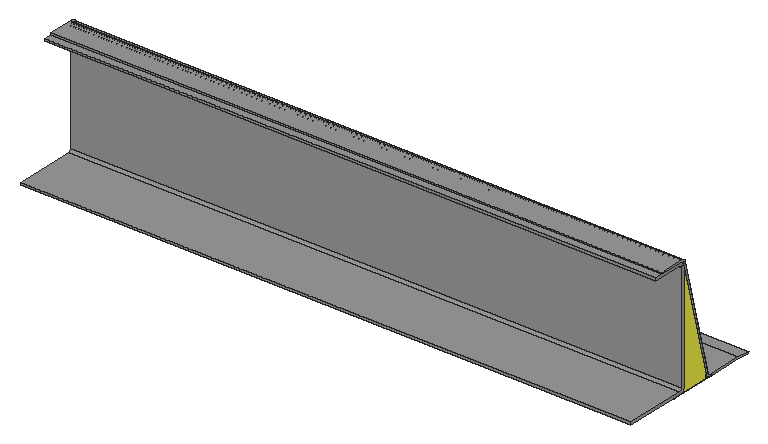
Revit family "XCFS K 70 WIL", category Generic Models, Revit 2014
Parameters (values of type "Max lintel length 3600mm")
  URL = "http://www.keystonelintels.co.uk"
  Structural Opening [instance] = 900 mm
  Structural Performance = "The Keystone lintel range has safe working loads as detailed in each applicable loading table in the Keystone Lintel Guide brochure. The structural performance figures within each table have been ascertained by testing in accordance with the requirements of standards BS EN 5977-2: 1983 and BS EN 845-2: 2003."
  RIBA Productor Selector = "available for Keystone Lintels Ltd from Keystone Lintels Ltd from ribaproductselector.com"
  Model = "XCFS/K 70 WIL"
  Min Length = 600 mm
  Min Clear Span = 300 mm
  Max Length = 3600 mm
  Max Clear Span = 3600 mm
  Material - Stainless Steel = "Grade 304 2b 1.4307 to BS EN 10088-2. Other grades available on request: contact manufacturer."
  Material - Galvanised Steel = "To BS EN 10346: 2009. DX51D plus Z600 or grade Z275 to BS 5977-2: 1983 (BS EN 845-2: 2003)."
  Manufacturer = "Keystone"
  Manufactured Length [instance] = (roundup(Effective Length / 150 mm) * 150 mm)  # 1200 mm
  Lintel height [instance] = 2100 mm
  Keynote = "F30/755"
  Fire Performance = "Keystone lintels have been subjected to a fire test (WARRES No. 101263) in accordance with BS 476-20: 1987, at Exova Warrington Fire and achieved a one hour fire performance."
  End Bearing = 150 mm
  Effective Length [instance] = Clear Opening with MIN MAX set + End Bearing * 2  # 1200 mm
  Corrosion = "Keystone’s standard range of lintels are manufactured from high quality grade pre-galvanized carbon steel with a zinc coating of 600"
  Contact Tel = "+44 (0)28 8676 2184"
  Contact Email = "info@keystonelintels.co.uk"
  Clear Opening with MIN MAX set [instance] = if(Structural Opening < Min Clear Span, Min Clear Span, (if(Structural Opening > Max Clear Span, Max Clear Span, Structural Opening)))  # 900 mm
  CPD Information = "Available for Keystone Lintels Ltd from ribacpd.com"
Reference planes
  plane 1 "Center (Front/Back)": y = 0
  plane 2: z = 0
  plane 3 "Center (Left/Right)": x = 0
  plane 4: x = -600
  plane 5: x = 600
  plane 6: z = 2100
  plane 7: x = -450
  plane 8: x = 450
Forms (mm)
  Extrusion 1, solid, material "Steel"
    sketch origin (0, 703.453, -493.091) x (0, 1, 0) y (0, 0, 1)
      loop
        line (-598.024, 2593.091) -> (-573.079, 2592.223) -> (-572.968, 2595.421) -> (-597.968, 2596.291) -> (-667.797, 2596.291)
        arc (-667.797, 2596.291) -> (-670.91, 2597.379) -> (-672.669, 2600.169) r 5
        line (-672.669, 2600.169) -> (-728.013, 2822.031)
        arc (-728.013, 2822.031) -> (-730.898, 2826.607) -> (-736.004, 2828.391) r 8.2
        line (-736.004, 2828.391) -> (-786.284, 2828.391) -> (-786.284, 2825.191) -> (-736.004, 2825.191)
        arc (-736.004, 2825.191) -> (-732.881, 2824.095) -> (-731.126, 2821.288) r 5
        line (-731.126, 2821.288) -> (-675.78, 2599.419)
        arc (-675.78, 2599.419) -> (-672.89, 2594.865) -> (-667.797, 2593.091) r 8.2
        line (-667.797, 2593.091) -> (-598.024, 2593.091)
    from -600 to 600
  Extrusion 2, solid, material "Steel"
    sketch origin (0, 703.453, -493.091) x (0, 1, 0) y (0, 0, 1)
      loop
        arc (-741.004, 2593.091) -> (-733.933, 2596.02) -> (-731.004, 2603.091) r 10
        line (-731.004, 2603.091) -> (-731.004, 2815.191)
        arc (-731.004, 2815.191) -> (-733.933, 2822.262) -> (-741.004, 2825.191) r 10
        line (-741.004, 2825.191) -> (-801.004, 2825.191) -> (-801.004, 2820.191) -> (-741.004, 2820.191)
        arc (-741.004, 2820.191) -> (-737.469, 2818.727) -> (-736.004, 2815.191) r 5
        line (-736.004, 2815.191) -> (-736.004, 2603.091)
        arc (-736.004, 2603.091) -> (-737.469, 2599.556) -> (-741.004, 2598.091) r 5
        line (-741.004, 2598.091) -> (-861.004, 2598.091) -> (-861.004, 2593.091) -> (-741.004, 2593.091)
    from -600 to 600
  Extrusion 3, solid, material "Steel"
    sketch origin (0, 703.453, -493.091) x (0, 1, 0) y (0, 0, 1)
      loop
        line (-755.534, 2592.091) -> (-660.534, 2592.091) -> (-660.534, 2593.091) -> (-677.534, 2593.091) -> (-677.534, 2601.091) -> (-678.534, 2601.091) -> (-678.534, 2593.091) -> (-755.534, 2593.091) -> (-755.534, 2592.091)
    from -600 to 600
  Extrusion 4, solid, material "Insulation"
    sketch origin (0, 703.453, -493.091) x (0, 1, 0) y (0, 0, 1)
      loop
        line (-678.534, 2593.091) -> (-678.534, 2601.091) -> (-677.534, 2601.091) -> (-677.534, 2593.091) -> (-667.797, 2593.091)
        arc (-667.797, 2593.091) -> (-672.89, 2594.865) -> (-675.78, 2599.419) r 8.2
        line (-675.78, 2599.419) -> (-731.126, 2821.288)
        arc (-731.126, 2821.288) -> (-732.881, 2824.095) -> (-736.004, 2825.191) r 5
        line (-736.004, 2825.191) -> (-741.004, 2825.191)
        arc (-741.004, 2825.191) -> (-733.933, 2822.262) -> (-731.004, 2815.191) r 10
        line (-731.004, 2815.191) -> (-731.004, 2603.091)
        arc (-731.004, 2603.091) -> (-733.933, 2596.02) -> (-741.004, 2593.091) r 10
        line (-741.004, 2593.091) -> (-678.534, 2593.091)
    from -600 to 600
  Extrusion 5, solid, not visible
    sketch origin (0, 873.371, 1174.088) x (0, 1, 0) y (0, 0, 1)
      loop
        line (-598.024, 993.091) -> (-573.079, 992.223) -> (-572.968, 995.421) -> (-597.968, 996.291) -> (-667.797, 996.291)
        arc (-667.797, 996.291) -> (-670.91, 997.379) -> (-672.669, 1000.169) r 5
        line (-672.669, 1000.169) -> (-728.013, 1222.031)
        arc (-728.013, 1222.031) -> (-730.898, 1226.607) -> (-736.004, 1228.391) r 8.2
        line (-736.004, 1228.391) -> (-786.284, 1228.391) -> (-786.284, 1225.191) -> (-736.004, 1225.191)
        arc (-736.004, 1225.191) -> (-732.881, 1224.095) -> (-731.126, 1221.288) r 5
        line (-731.126, 1221.288) -> (-675.78, 999.419)
        arc (-675.78, 999.419) -> (-672.89, 994.865) -> (-667.797, 993.091) r 8.2
        line (-667.797, 993.091) -> (-598.024, 993.091)
    from 0 to 250
  Extrusion 6, solid, not visible
    sketch origin (0, 666.899, 1249.326) x (0, 1, 0) y (0, 0, 1)
      loop
        arc (-741.004, 993.091) -> (-733.933, 996.02) -> (-731.004, 1003.091) r 10
        line (-731.004, 1003.091) -> (-731.004, 1215.191)
        arc (-731.004, 1215.191) -> (-733.933, 1222.262) -> (-741.004, 1225.191) r 10
        line (-741.004, 1225.191) -> (-801.004, 1225.191) -> (-801.004, 1220.191) -> (-741.004, 1220.191)
        arc (-741.004, 1220.191) -> (-737.469, 1218.727) -> (-736.004, 1215.191) r 5
        line (-736.004, 1215.191) -> (-736.004, 1003.091)
        arc (-736.004, 1003.091) -> (-737.469, 999.556) -> (-741.004, 998.091) r 5
        line (-741.004, 998.091) -> (-861.004, 998.091) -> (-861.004, 993.091) -> (-741.004, 993.091)
    from 0 to 250
  Extrusion 7, solid, not visible
    sketch origin (0, 906.141, 1018.549) x (0, 1, 0) y (0, 0, 1)
      loop
        line (-755.534, 992.091) -> (-660.534, 992.091) -> (-660.534, 993.091) -> (-677.534, 993.091) -> (-677.534, 1001.091) -> (-678.534, 1001.091) -> (-678.534, 993.091) -> (-755.534, 993.091) -> (-755.534, 992.091)
    from 0 to 250
  Extrusion 8, solid, not visible
    sketch origin (0, 597.813, 864.831) x (0, 1, 0) y (0, 0, 1)
      loop
        line (-678.534, 993.091) -> (-678.534, 1001.091) -> (-677.534, 1001.091) -> (-677.534, 993.091) -> (-667.797, 993.091)
        arc (-667.797, 993.091) -> (-672.89, 994.865) -> (-675.78, 999.419) r 8.2
        line (-675.78, 999.419) -> (-731.126, 1221.288)
        arc (-731.126, 1221.288) -> (-732.881, 1224.095) -> (-736.004, 1225.191) r 5
        line (-736.004, 1225.191) -> (-741.004, 1225.191)
        arc (-741.004, 1225.191) -> (-733.933, 1222.262) -> (-731.004, 1215.191) r 10
        line (-731.004, 1215.191) -> (-731.004, 1003.091)
        arc (-731.004, 1003.091) -> (-733.933, 996.02) -> (-741.004, 993.091) r 10
        line (-741.004, 993.091) -> (-678.534, 993.091)
    from 0 to 250
Dimensions and locks
  equal spacing: plane 4, plane 3 "Center (Left/Right)", plane 5
  "Manufactured Length": plane 4 to plane 5
  "Lintel height": plane 6 to level
  "Structural Opening": plane 7 to plane 8
  equal spacing: plane 7, plane 3 "Center (Left/Right)", plane 8
  aligned and locked: level to plane 2
  aligned and locked: Extrusion 1 to plane 6
  aligned and locked: Extrusion 4 to plane 6
  aligned and locked: Extrusion 2 to plane 6
  aligned and locked: plane 6 to Extrusion 3
  aligned and locked: plane 5 to Extrusion 2
  aligned and locked: Extrusion 2 to plane 4
  aligned and locked: plane 5 to Extrusion 1
  aligned and locked: Extrusion 1 to plane 4
  aligned and locked: plane 5 to Extrusion 4
  aligned and locked: Extrusion 4 to plane 4
  aligned and locked: plane 5 to Extrusion 3
  aligned and locked: Extrusion 3 to plane 4
Automatic sketch dimensions
  Extrusion 1 sketch curve to Extrusion 1 sketch curve = 69.773 mm
  Extrusion 1 sketch curve to Extrusion 1 sketch curve = 24.944 mm
  Extrusion 1 sketch curve to Extrusion 1 sketch curve = 0.868 mm
  Extrusion 1 sketch curve to Extrusion 1 sketch curve = 0.111 mm
  Extrusion 1 sketch curve to Extrusion 1 sketch curve = 0.056 mm
  Extrusion 1 sketch curve to Extrusion 1 sketch curve = 0 mm  (x8)
  Extrusion 1 sketch curve to Extrusion 1 sketch curve = 5 mm
  Extrusion 1 sketch curve to Extrusion 1 sketch curve = 7.984 mm
  Extrusion 1 sketch curve to Extrusion 1 sketch curve = 3.111 mm
  Extrusion 1 sketch curve to Extrusion 1 sketch curve = 52.233 mm
  Extrusion 1 sketch curve to Extrusion 1 sketch curve = 222.612 mm
  Extrusion 1 sketch curve to Extrusion 1 sketch curve = 3.113 mm
  Extrusion 1 sketch curve to Extrusion 1 sketch curve = 0.743 mm
  Extrusion 1 sketch curve to Extrusion 1 sketch curve = 4.878 mm
  Extrusion 1 sketch curve to Extrusion 1 sketch curve = 1.097 mm
  Extrusion 1 sketch curve to Extrusion 1 sketch curve = 50.28 mm
  Extrusion 2 sketch curve to Extrusion 2 sketch curve = 120 mm
  Extrusion 2 sketch curve to Extrusion 2 sketch curve = 5 mm  (x3)
  Extrusion 2 sketch curve to Extrusion 2 sketch curve = 212.1 mm
  Extrusion 2 sketch curve to Extrusion 2 sketch curve = 0 mm  (x8)
  Extrusion 2 sketch curve to Extrusion 2 sketch curve = 60 mm
  Extrusion 3 sketch curve to Extrusion 3 sketch curve = 95 mm
  Extrusion 3 sketch curve to Extrusion 3 sketch curve = 1 mm  (x2)
  Extrusion 3 sketch curve to Extrusion 3 sketch curve = 17 mm
  Extrusion 3 sketch curve to Extrusion 3 sketch curve = 8 mm
  Extrusion 3 sketch curve to Extrusion 3 sketch curve = 0 mm
  Extrusion 4 sketch curve to Extrusion 4 sketch curve = 62.471 mm
  Extrusion 4 sketch curve to Extrusion 4 sketch curve = 8 mm
  Extrusion 4 sketch curve to Extrusion 4 sketch curve = 1 mm
  Extrusion 4 sketch curve to Extrusion 4 sketch curve = 0 mm  (x3)
  Extrusion 4 sketch curve to Extrusion 4 sketch curve = 9.737 mm  (x2)
  Extrusion 4 sketch curve to Extrusion 4 sketch curve = 8.2 mm
  Extrusion 4 sketch curve to Extrusion 4 sketch curve = 1.753 mm
  Extrusion 4 sketch curve to Extrusion 4 sketch curve = 52.592 mm
  Extrusion 4 sketch curve to Extrusion 4 sketch curve = 220.197 mm
  Extrusion 4 sketch curve to Extrusion 4 sketch curve = 10 mm  (x2)
  Extrusion 4 sketch curve to Extrusion 4 sketch curve = 6.097 mm
  Extrusion 4 sketch curve to Extrusion 4 sketch curve = 4.878 mm
  Extrusion 4 sketch curve to Extrusion 4 sketch curve = 1.097 mm
  Extrusion 4 sketch curve to Extrusion 4 sketch curve = 5 mm
  Extrusion 4 sketch curve to Extrusion 4 sketch curve = 1.672 mm
  Extrusion 5 sketch curve to Extrusion 5 sketch curve = 69.773 mm
  Extrusion 5 sketch curve to Extrusion 5 sketch curve = 24.944 mm
  Extrusion 5 sketch curve to Extrusion 5 sketch curve = 0.868 mm
  Extrusion 5 sketch curve to Extrusion 5 sketch curve = 0.111 mm
  Extrusion 5 sketch curve to Extrusion 5 sketch curve = 0.056 mm
  Extrusion 5 sketch curve to Extrusion 5 sketch curve = 0 mm  (x8)
  Extrusion 5 sketch curve to Extrusion 5 sketch curve = 5 mm
  Extrusion 5 sketch curve to Extrusion 5 sketch curve = 7.984 mm
  Extrusion 5 sketch curve to Extrusion 5 sketch curve = 3.111 mm
  Extrusion 5 sketch curve to Extrusion 5 sketch curve = 52.233 mm
  Extrusion 5 sketch curve to Extrusion 5 sketch curve = 222.612 mm
  Extrusion 5 sketch curve to Extrusion 5 sketch curve = 3.113 mm
  Extrusion 5 sketch curve to Extrusion 5 sketch curve = 0.743 mm
  Extrusion 5 sketch curve to Extrusion 5 sketch curve = 4.878 mm
  Extrusion 5 sketch curve to Extrusion 5 sketch curve = 1.097 mm
  Extrusion 5 sketch curve to Extrusion 5 sketch curve = 50.28 mm
  Extrusion 6 sketch curve to Extrusion 6 sketch curve = 120 mm
  Extrusion 6 sketch curve to Extrusion 6 sketch curve = 5 mm  (x3)
  Extrusion 6 sketch curve to Extrusion 6 sketch curve = 0 mm  (x8)
  Extrusion 6 sketch curve to Extrusion 6 sketch curve = 212.1 mm
  Extrusion 6 sketch curve to Extrusion 6 sketch curve = 60 mm
  Extrusion 7 sketch curve to Extrusion 7 sketch curve = 95 mm
  Extrusion 7 sketch curve to Extrusion 7 sketch curve = 1 mm  (x2)
  Extrusion 7 sketch curve to Extrusion 7 sketch curve = 17 mm
  Extrusion 7 sketch curve to Extrusion 7 sketch curve = 8 mm
  Extrusion 7 sketch curve to Extrusion 7 sketch curve = 0 mm
  Extrusion 8 sketch curve to Extrusion 8 sketch curve = 62.471 mm
  Extrusion 8 sketch curve to Extrusion 8 sketch curve = 8 mm
  Extrusion 8 sketch curve to Extrusion 8 sketch curve = 1 mm
  Extrusion 8 sketch curve to Extrusion 8 sketch curve = 0 mm  (x3)
  Extrusion 8 sketch curve to Extrusion 8 sketch curve = 9.737 mm  (x2)
  Extrusion 8 sketch curve to Extrusion 8 sketch curve = 8.2 mm
  Extrusion 8 sketch curve to Extrusion 8 sketch curve = 1.753 mm
  Extrusion 8 sketch curve to Extrusion 8 sketch curve = 52.592 mm
  Extrusion 8 sketch curve to Extrusion 8 sketch curve = 220.197 mm
  Extrusion 8 sketch curve to Extrusion 8 sketch curve = 10 mm  (x2)
  Extrusion 8 sketch curve to Extrusion 8 sketch curve = 6.097 mm
  Extrusion 8 sketch curve to Extrusion 8 sketch curve = 4.878 mm
  Extrusion 8 sketch curve to Extrusion 8 sketch curve = 1.097 mm
  Extrusion 8 sketch curve to Extrusion 8 sketch curve = 5 mm
  Extrusion 8 sketch curve to Extrusion 8 sketch curve = 1.672 mm
  Extrusion 3 sketch curve to plane 6 = 0 mm
  plane 1 "Center (Front/Back)" to Extrusion 3 sketch curve = 52.081 mm
  Extrusion 2 sketch curve to plane 6 = 0 mm
  plane 1 "Center (Front/Back)" to Extrusion 2 sketch curve = 157.551 mm
  Extrusion 4 sketch curve to plane 6 = 0 mm
  plane 1 "Center (Front/Back)" to Extrusion 4 sketch curve = 37.551 mm
  Extrusion 1 sketch curve to plane 6 = 0 mm
  plane 1 "Center (Front/Back)" to Extrusion 1 sketch curve = 82.831 mm
